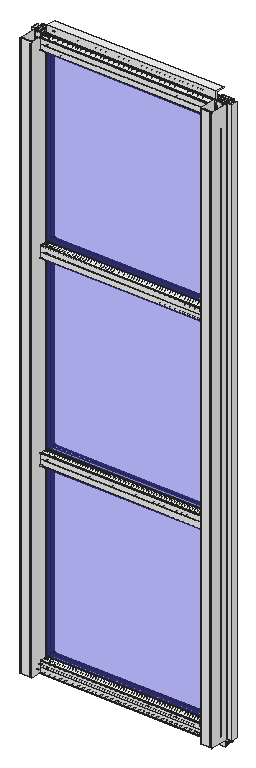
Revit family "Facade_60_Curtain_Wall_S13_Custom", category Windows, host Wall, Revit 2014
Parameters (values of type "F60-S13-Custom")
  Windload Design [instance] = if(Custom Windload < 1001 mm, 1000 mm, if(Custom Windload < 1501 mm, 1500 mm, 2000 mm))  # 1000 mm
  Width [instance] = if(Custom Curtain Wall Width < Limit Door Width Min, Limit Door Width Min, if(Custom Curtain Wall Width > Limit Door Width Max, Limit Door Width Max, Custom Curtain Wall Width))  # 1000 mm
  Wall Thickness [instance] = 200 mm
  Vertical Profile Length [instance] = Height - Frame Bottom Gap  # 2970 mm
  URL = "http://www.crealco.co.za/crealco-products.php"
  Type Comments = ""
  Thermal Resistance (R) [instance] = if(IGDB or SAGDB Number = 100100, 1.0000 (m²·K)/W / Intruderprufe U Value, if(IGDB or SAGDB Number = 100100, 1.0000 (m²·K)/W / Intruderprufe U Value, if(IGDB or SAGDB Number = 105003, 1.0000 (m²·K)/W / Intruderprufe Insulated U Value, if(IGDB or SAGDB Number = 105004, 1.0000 (m²·K)/W / Intruderprufe Insulated LowE U Value, 1.0000 (m²·K)/W / 7.9)))) * 1  # 0.126582 (m²·K)/W
  Thermal Break Material = Plastic, Opaque Black
  Solar Heat Gain Coefficient [instance] = if(IGDB or SAGDB Number = 100100, Intruderprufe SHGC Value, if(IGDB or SAGDB Number = 103200, Intruderprufe LowE SHGC Value, if(IGDB or SAGDB Number = 105003, Intruderprufe Insulated SHGC Value, if(IGDB or SAGDB Number = 105004, Intruderprufe Insulated LowE SHGC Value, 0))))  # 0
  Single Glazing [instance] = if(DG Forced, 1 = 0, not(Double Glazing))  # no
  Sill Height = 85 mm  # constant formula
  SG Forced [instance] = not(DG Forced)  # no
  Quarter Expansion Break = no
  Overall Width [instance] = 1000 mm
  Overall Height [instance] = 3000 mm
  Mullion Configuration = 1 mm  # constant formula
  Model = "Facade 60"
  Transom Vertical Spacing [instance] = (Height - Frame Bottom Gap - (4 mm * 60)) / 3  # 910 mm
  Mid Glazing Bottom Gap [instance] = Frame Bottom Gap + 60 mm + Transom Vertical Spacing + 39.8 mm  # 1039.8 mm
  Max System DG Unit Thickness = 25 mm  # constant formula
  Max System DG One Piece Thickness [instance] = rounddown((Max System DG Unit Thickness - DG Gasket Thickness) / 2 mm) * 1 mm  # 6 mm
  Max Pane Area [instance] = Glazing Width * Glazing Height  # 0.874748 m²
  Manufacturer = "Crealco"
  Limit Door Width Min = Limit Panel Width Min + (2 * Glazing Side Gap)  # 379.6 mm
  Limit Door Width Max = Limit Panel Width Max + (2 * Glazing Side Gap)  # 3079.6 mm
  Limit Door Height Min = (3 * Limit Panel Height Min) + 69.8 mm + (2 mm * 19.6) + 39.8 mm  # 1048.8 mm
  Limit Door Height Max = (3 * Limit Panel Height Max) + 69.8 mm + (2 mm * 19.6) + 39.8 mm  # 18148.8 mm
  Limit Panel Width Min = 300 mm  # constant formula
  Limit Panel Width Max = 3000 mm  # constant formula
  Limit Panel Height Min = 300 mm  # constant formula
  Limit Panel Height Max = 6000 mm  # constant formula
  Sill Length [instance] = Width  # 1000 mm
  Length Sill [instance] = Width  # 1000 mm
  Keynote = ""
  Jamb Width = 60 mm  # constant formula
  Intruderprufe U Value = 0
  Intruderprufe SHGC Value = 0
  Intruderprufe LowE U Value = 0
  Intruderprufe LowE SHGC Value = 0
  Intruderprufe Insulated U Value = 0
  Intruderprufe Insulated SHGC Value = 0
  Intruderprufe Insulated LowE U Value = 0
  Intruderprufe Insulated LowE SHGC Value = 0
  Horizontal Profile Length [instance] = Width - (2 * Jamb Width)  # 880 mm
  Half Expansion Break = no
  Glazing Width [instance] = Horizontal Profile Length + (2 mm * 20.2)  # 920.4 mm
  Glazing Top Gap = 39.8 mm  # constant formula
  Glazing Side Gap = 39.8 mm  # constant formula
  Glazing Height [instance] = (Height - Glazing Top Gap - Glazing Bottom Gap - (2 * (60 mm - 20.2 mm - 20.2 mm))) / 3  # 950.4 mm
  Glazing Gap SG [instance] = (14 mm - SG Thickness) / 2  # 5 mm
  Glazing Gap DG [instance] = (28 mm - (DG Thickness + DG Thickness + DG Gasket Thickness)) / 2  # 4 mm
  Glazing Bottom Gap = 69.8 mm  # constant formula
  Frame Thickness = 101.8 mm  # constant formula
  Frame Bottom Gap = 30 mm  # constant formula
  Door Leaf Height [instance] = 2050 mm
  Double Glazing [instance] = yes
  DG Thickness Calc [instance] = if(not(Max Pane Area > 1.125 m²), 4 mm, if(not(Max Pane Area > 2.25 m²), 4 mm, if(not(Max Pane Area > 3.15 m²), 5 mm, if(not(Max Pane Area > 4.35 m²), 6 mm, if(not(Max Pane Area > 6.45 m²), 8 mm, 10 mm)))))  # 4 mm
  DG Thickness [instance] = if(IGDB or SAGDB Number = 105003, 6 mm, if(IGDB or SAGDB Number = 105004, 7 mm, if(DG Thickness Calc > Max System DG One Piece Thickness, Max System DG One Piece Thickness, DG Thickness Calc)))  # 4 mm
  DG Gasket Thickness = 12 mm  # constant formula
  DG Gasket Finish [instance] = Double Glazing Gasket Material
  DG Forced [instance] = if(IGDB or SAGDB Number = 100100, 1 = 0, if(IGDB or SAGDB Number = 103200, 1 = 0, if(IGDB or SAGDB Number = 105003, 1 = 1, if(IGDB or SAGDB Number = 105004, 1 = 1, Double Glazing))))  # yes
  IGDB or SAGDB Number [instance] = 0
  Height [instance] = if(Custom Curtain Wall Height < Limit Door Height Min, Limit Door Height Min, if(Custom Curtain Wall Height > Limit Door Height Max, Limit Door Height Max, Custom Curtain Wall Height))  # 3000 mm
  Heat Transfer Coefficient (U) [instance] = if(IGDB or SAGDB Number = 100100, Intruderprufe U Value, if(IGDB or SAGDB Number = 103200, Intruderprufe LowE U Value, if(IGDB or SAGDB Number = 105003, Intruderprufe Insulated U Value, if(IGDB or SAGDB Number = 105004, Intruderprufe Insulated LowE U Value, 7.9)))) * 1.0000 W/(m²·K)  # 7.9000 W/(m²·K)
  SG Thickness [instance] = if(IGDB or SAGDB Number = 100100, 6 mm, if(IGDB or SAGDB Number = 103200, 7 mm, if(not(Max Pane Area > 0.75 m²), 4 mm, if(not(Max Pane Area > 1.50 m²), 4 mm, if(not(Max Pane Area > 2.10 m²), 5 mm, if(not(Max Pane Area > 2.90 m²), 6.4 mm, if(not(Max Pane Area > 4.30 m²), 8 mm, 10 mm)))))))  # 4 mm
  Glazing Material [instance] = if(IGDB or SAGDB Number = 100100, "PFG INTRUDERPRUFE 6.38mm", if(IGDB or SAGDB Number = 103200, "PFG INTRUDERPRUFE LOW-E 7.38mm", if(IGDB or SAGDB Number = 105003, "PFG 25mm INTRUDERPRUFE INSULATED GLASS", if(IGDB or SAGDB Number = 105004, "PFG 25mm INTRUDERPRUFE INSULATED GLASS LOW-E", "Unknown"))))  # "Unknown"
  Glazing Finish [instance] = Glass
  Glazing Code [instance] = if(IGDB or SAGDB Number = 100100, "LAM01", if(IGDB or SAGDB Number = 103200, "LAM01E", if(IGDB or SAGDB Number = 105003, "IGU25", if(IGDB or SAGDB Number = 105004, "IGU25E", "Unknown"))))  # "Unknown"
  Frame Offset From Exterior [instance] = if(Centered In Wall, (Wall Thickness - Frame Thickness) / 2, Custom Offset From Exterior) + 5.9 mm  # 55 mm
  Description = "Curtain Wall, S13"
  Default Sill Height = 0 mm
  Wall Closure = By host
  Custom Curtain Wall Width [instance] = 1000 mm
  Custom Curtain Wall Height [instance] = 3000 mm
  Custom Windload [instance] = 1000 mm
  Custom Offset From Exterior [instance] = 10 mm
  Centered In Wall [instance] = yes
  Aluminium Finish [instance] = White Powder Coated Aluminium ANP 1052
  All Available Glazing Numbers [instance] = "The rows below list the available glazing materials for this window:"  # constant formula
  190mm Mullion = if(Mullion Configuration = 3 mm, 1 = 1, 1 = 0)  # no
  160mm Mullion = if(Mullion Configuration = 2 mm, 1 = 1, 1 = 0)  # no
  105004 [instance] = "IGU25E"  # constant formula
  105003 [instance] = "IGU25"  # constant formula
  103200 [instance] = "LAM01E"  # constant formula
  100mm Mullion = if(or(Mullion Configuration = 2 mm, Mullion Configuration = 3 mm), 1 = 0, 1 = 1)  # yes
  100100 [instance] = "LAM01"  # constant formula
Reference planes
  plane 1 "Center (Front/Back)": y = 0
  plane 2 "Center (Left/Right)": x = 0
  plane 3 "Left": x = -500
  plane 4 "Right": x = 500
  plane 5 "Sill": z = 0
  plane 6 "Head": z = 3000
  plane 7 "Exterior": y = 100
  plane 8 "Interior": y = -100
Lines and regions (mm)
  Opening 1
    outline origin (3507.082, -100, 0) x (1, 0, 0) y (0, 0, 1)
      loop
        line (-3007.082, 0) -> (-3007.082, 3000) -> (-4007.082, 3000) -> (-4007.082, 0) -> (-3007.082, 0)
Text (mm)
  text "EXTERIOR" at (-1963.203, 1332.353, 0), in view "Ref. Level"
  text "INTERIOR" at (-1981.466, -818.386, 0), in view "Ref. Level"
  text "Exterior" at (0, 923.751, 2943.296), in view "Right"
  text "Exterior" at (0, 1040.484, 2685.409), in view "Left"
Dimensions and locks
  equal spacing: plane 3 "Left", plane 2 "Center (Left/Right)", plane 4 "Right"
  "Width": plane 3 "Left" to plane 4 "Right"
  "Height": plane 5 "Sill" to plane 6 "Head"
  "Default Sill Height": plane 5 "Sill" to level
  locked: plane 7 "Exterior" to host wall at 0
  locked: plane 8 "Interior" to host wall
  "Overall Height": plane 6 "Head" to plane 5 "Sill"
  "Overall Width": plane 3 "Left" to plane 4 "Right"
  "Wall Thickness": host wall to host wall
  "Jamb Width": nested 3 to plane 4 "Right"
  "Jamb Width": nested 5 to plane 4 "Right"
  "Frame Bottom Gap": nested 5 to level
  "Frame Offset From Exterior": nested 1 to plane 7 "Exterior"
  "Glazing Side Gap": nested 6 to plane 4 "Right"
  "Glazing Top Gap": nested 6 to plane 6 "Head"
  "Glazing Gap SG": nested 6 to nested 1
  "Glazing Side Gap": nested 7 to plane 4 "Right"
  "Glazing Top Gap": nested 7 to plane 6 "Head"
  "Glazing Gap DG": nested 7 to nested 1
  "Jamb Width": nested 8 to plane 4 "Right"
  "Glazing Side Gap": nested 9 to plane 4 "Right"
  "Glazing Side Gap": nested 10 to plane 4 "Right"
  "Glazing Gap SG": nested 10 to nested 1
  "Glazing Gap DG": nested 9 to nested 1
  "Glazing Bottom Gap": nested 9 to level
  "Glazing Bottom Gap": nested 10 to level
  locked: nested 1 to nested 5 at 8.887
  "Transom Vertical Spacing": nested 8 to nested 5
  "Jamb Width": nested 11 to plane 4 "Right"
  "Transom Vertical Spacing": nested 11 to nested 8
  "Glazing Side Gap": nested 12 to plane 4 "Right"
  "Glazing Side Gap": nested 13 to plane 4 "Right"
  "Glazing Gap SG": nested 13 to nested 1
  "Glazing Gap DG": nested 12 to nested 1
  "Mid Glazing Bottom Gap": nested 12 to level
  "Mid Glazing Bottom Gap": nested 13 to level
  aligned and locked: plane 4 "Right" to nested 1
  aligned and locked: nested 1 to plane 6 "Head"
  aligned and locked: plane 3 "Left" to nested 2
  aligned and locked: plane 6 "Head" to nested 2
  aligned and locked: nested 3 to plane 6 "Head"
  aligned and locked: nested 1 to nested 3
  aligned and locked: nested 4 to level
  aligned and locked: plane 4 "Right" to nested 4
  aligned and locked: nested 1 to nested 2
  aligned and locked: nested 5 to nested 4
  aligned and locked: nested 8 to nested 3
  aligned and locked: nested 11 to nested 3
Automatic sketch dimensions
  plane 3 "Left" to Opening 1 sketch curve = 0 mm
  plane 4 "Right" to Opening 1 sketch curve = 0 mm
  Opening 1 sketch curve to plane 5 "Sill" = 0 mm
  Opening 1 sketch curve to plane 6 "Head" = 0 mm
Nested families
  nested 1: "F60 Vertical Profile Side_S13_Cust" at (500, -1.058, 30) x (-1, 0, 0) z (0, 0, 1), Thermal Break Material <- "Thermal Break Material", Profile Material <- "Aluminium Finish", Length <- "Vertical Profile Length", Single Glazing <- "SG Forced", Double Glazing <- "DG Forced", 100mm Mullion <- "100mm Mullion", 160mm Mullion <- "160mm Mullion", 190mm Mullion <- "190mm Mullion", Quarter Expansion Break <- "Quarter Expansion Break", Half Expansion Break <- "Half Expansion Break", type "F60 Vertical Profile Side_S13_Cust"
    with Thermal Break Material Plastic, Opaque Black, Single Glazing no, Quarter SG Expansion Break no, Quarter Length 742.5 mm, Quarter Expansion Break no, Quarter DG Expansion Break no, Quarter 190mm Expansion Break no, Quarter 160mm Expansion Break no, Quarter 100mm Expansion Break no, Profile Material White Powder Coated Aluminium ANP 1052, Length 2970 mm, Half SG Expansion Break no, Half Length 1485 mm, Half Expansion Break no, Half DG Expansion Break no, Half 190mm Expansion Joint no, Half 160mm Expansion Break no, Half 100mm Expansion Break no, Double Glazing yes, 190mm Mullion no, 160mm Mullion no, 100mm Mullion yes
  nested 2: "F60 Vertical Profile Side_S13_Cust" at (-500, -1.058, 30), Thermal Break Material <- "Thermal Break Material", Profile Material <- "Aluminium Finish", Length <- "Vertical Profile Length", Single Glazing <- "SG Forced", Double Glazing <- "DG Forced", 100mm Mullion <- "100mm Mullion", 160mm Mullion <- "160mm Mullion", 190mm Mullion <- "190mm Mullion", Quarter Expansion Break <- "Quarter Expansion Break", Half Expansion Break <- "Half Expansion Break", type "F60 Vertical Profile Side_S13_Cust"
    with Thermal Break Material Plastic, Opaque Black, Single Glazing no, Quarter SG Expansion Break no, Quarter Length 742.5 mm, Quarter Expansion Break no, Quarter DG Expansion Break no, Quarter 190mm Expansion Break no, Quarter 160mm Expansion Break no, Quarter 100mm Expansion Break no, Profile Material White Powder Coated Aluminium ANP 1052, Length 2970 mm, Half SG Expansion Break no, Half Length 1485 mm, Half Expansion Break no, Half DG Expansion Break no, Half 190mm Expansion Joint no, Half 160mm Expansion Break no, Half 100mm Expansion Break no, Double Glazing yes, 190mm Mullion no, 160mm Mullion no, 100mm Mullion yes
  nested 3: "F60 Horizontal Profile Top_S13_Cust" at (440, -50.858, 2940) x (-1, 0, 0) z (0, 0, 1), Thermal Break Material <- "Thermal Break Material", Profile Material <- "Aluminium Finish", Length <- "Horizontal Profile Length", Single Glazing <- "SG Forced", Double Glazing <- "DG Forced", type "F60 Horizontal Profile Top_S13_Cust"
    with Thermal Break Material Plastic, Opaque Black, Single Glazing no, Profile Material White Powder Coated Aluminium ANP 1052, Length 880 mm, Double Glazing yes
  nested 4: "F60 Sill_S13_Cust" at (500, -13.486, -1.88) x (-1, 0, 0) z (0, 0, 1), Profile Material <- "Aluminium Finish", Length Sill <- "Length Sill", type "F60 Sill_S13_Cust"
    with Profile Material White Powder Coated Aluminium ANP 1052, Length Sill 1000 mm
  nested 5: "F60 Horizontal Profile Bottom_S13_Cust" at (440, -50.858, 30) x (-1, 0, 0) z (0, 0, 1), Thermal Break Material <- "Thermal Break Material", Profile Material <- "Aluminium Finish", Length <- "Horizontal Profile Length", Single Glazing <- "SG Forced", Double Glazing <- "DG Forced", type "F60 Horizontal Profile Bottom_S13_Cust"
    with Thermal Break Material Plastic, Opaque Black, Single Glazing no, Profile Material White Powder Coated Aluminium ANP 1052, Length 880 mm, Double Glazing yes
  nested 6: "F60_Single_Glazing_S13_Cust" at (460.2, 7.942, 2009.8), Glazing Width <- "Glazing Width", Glazing Height <- "Glazing Height", SG Thickness <- "SG Thickness", Glazing Finish <- "Glazing Finish", visible <- "SG Forced", type "F60_Single_Glazing_S13_Cust"
    with SG Thickness 4 mm, Glazing Width 920.4 mm, Glazing Height 950.4 mm, Glazing Finish Glass
  nested 7: "F60_Double_Glazing_S13_Cust" at (460.2, 22.942, 2009.8), Glazing Material <- "Glazing Finish", Double Glazing Gasket Material <- "DG Gasket Finish", Glazing Width <- "Glazing Width", Glazing Height <- "Glazing Height", Glazing Thickness DG <- "DG Thickness", Double Glazing Gasket Thickness <- "DG Gasket Thickness", visible <- "DG Forced", type "F60_Double_Glazing_S13_Cust"
    with Glazing Width 920.4 mm, Glazing Thickness DG 4 mm, Glazing Material Glass, Glazing Height 950.4 mm, Double Glazing Gasket Thickness 12 mm, Double Glazing Gasket Material Double Glazing Gasket Material
  nested 8: "F60 Horizontal Profile Middle_S13_Cust" at (440, -50.858, 1000) x (-1, 0, 0) z (0, 0, 1), Thermal Break Material <- "Thermal Break Material", Profile Material <- "Aluminium Finish", Length <- "Horizontal Profile Length", Single Glazing <- "SG Forced", Double Glazing <- "DG Forced", type "F60 Horizontal Profile Middle_S13_Cust"
    with Thermal Break Material Plastic, Opaque Black, Single Glazing no, Profile Material White Powder Coated Aluminium ANP 1052, Length 880 mm, Double Glazing yes
  nested 9: "F60_Double_Glazing_S13_Cust" at (460.2, 22.942, 69.8), Glazing Material <- "Glazing Finish", Double Glazing Gasket Material <- "DG Gasket Finish", Glazing Width <- "Glazing Width", Glazing Height <- "Glazing Height", Glazing Thickness DG <- "DG Thickness", Double Glazing Gasket Thickness <- "DG Gasket Thickness", visible <- "DG Forced", type "F60_Double_Glazing_S13_Cust"
    with Glazing Width 920.4 mm, Glazing Thickness DG 4 mm, Glazing Material Glass, Glazing Height 950.4 mm, Double Glazing Gasket Thickness 12 mm, Double Glazing Gasket Material Double Glazing Gasket Material
  nested 10: "F60_Single_Glazing_S13_Cust" at (460.2, 7.942, 69.8), Glazing Width <- "Glazing Width", Glazing Height <- "Glazing Height", SG Thickness <- "SG Thickness", Glazing Finish <- "Glazing Finish", visible <- "SG Forced", type "F60_Single_Glazing_S13_Cust"
    with SG Thickness 4 mm, Glazing Width 920.4 mm, Glazing Height 950.4 mm, Glazing Finish Glass
  nested 11: "F60 Horizontal Profile Middle_S13_Cust" at (440, -50.858, 1970) x (-1, 0, 0) z (0, 0, 1), Thermal Break Material <- "Thermal Break Material", Profile Material <- "Aluminium Finish", Length <- "Horizontal Profile Length", Single Glazing <- "SG Forced", Double Glazing <- "DG Forced", type "F60 Horizontal Profile Middle_S13_Cust"
    with Thermal Break Material Plastic, Opaque Black, Single Glazing no, Profile Material White Powder Coated Aluminium ANP 1052, Length 880 mm, Double Glazing yes
  nested 12: "F60_Double_Glazing_S13_Cust" at (460.2, 22.942, 1039.8), Glazing Material <- "Glazing Finish", Double Glazing Gasket Material <- "DG Gasket Finish", Glazing Width <- "Glazing Width", Glazing Height <- "Glazing Height", Glazing Thickness DG <- "DG Thickness", Double Glazing Gasket Thickness <- "DG Gasket Thickness", visible <- "DG Forced", type "F60_Double_Glazing_S13_Cust"
    with Glazing Width 920.4 mm, Glazing Thickness DG 4 mm, Glazing Material Glass, Glazing Height 950.4 mm, Double Glazing Gasket Thickness 12 mm, Double Glazing Gasket Material Double Glazing Gasket Material
  nested 13: "F60_Single_Glazing_S13_Cust" at (460.2, 7.942, 1039.8), Glazing Width <- "Glazing Width", Glazing Height <- "Glazing Height", SG Thickness <- "SG Thickness", Glazing Finish <- "Glazing Finish", visible <- "SG Forced", type "F60_Single_Glazing_S13_Cust"
    with SG Thickness 4 mm, Glazing Width 920.4 mm, Glazing Height 950.4 mm, Glazing Finish Glass
Definition of nested family "F60 Vertical Profile Side_S13_Cust"
  Parameters (values of type "F60 Vertical Profile Side")
    Quarter SG Expansion Break [instance] = if(and(Quarter Expansion Break, Single Glazing), 1 = 1, 1 = 0)  # yes
    Quarter Length [instance] = Length / 4  # 62.5 mm
    Thermal Break Material [instance] = none
    Single Glazing [instance] = yes
    Quarter Expansion Break [instance] = yes
    Quarter DG Expansion Break [instance] = if(and(Quarter Expansion Break, Double Glazing), 1 = 1, 1 = 0)  # yes
    Quarter 190mm Expansion Break [instance] = if(and(Quarter Expansion Break, [190mm Mullion]), 1 = 1, 1 = 0)  # yes
    Quarter 160mm Expansion Break [instance] = if(and(Quarter Expansion Break, [160mm Mullion]), 1 = 1, 1 = 0)  # yes
    Quarter 100mm Expansion Break [instance] = if(and(Quarter Expansion Break, [100mm Mullion]), 1 = 1, 1 = 0)  # yes
    Profile Material [instance] = none
    Length [instance] = 250 mm
    Half SG Expansion Break [instance] = if(and(Half Expansion Break, Single Glazing), 1 = 1, 1 = 0)  # yes
    Half Length [instance] = Length / 2  # 125 mm
    Half Expansion Break [instance] = yes
    Half DG Expansion Break [instance] = if(and(Half Expansion Break, Double Glazing), 1 = 1, 1 = 0)  # yes
    Half 190mm Expansion Joint [instance] = if(and(Half Expansion Break, [190mm Mullion]), 1 = 1, 1 = 0)  # yes
    Half 160mm Expansion Break [instance] = if(and(Half Expansion Break, [160mm Mullion]), 1 = 1, 1 = 0)  # yes
    Half 100mm Expansion Break [instance] = if(and(Half Expansion Break, [100mm Mullion]), 1 = 1, 1 = 0)  # yes
    Double Glazing [instance] = yes
    190mm Mullion [instance] = yes
    160mm Mullion [instance] = yes
    100mm Mullion [instance] = yes
  Reference planes
    plane 1 "Center (Front/Back)": y = 0
    plane 2: z = 0
    plane 3 "Center (Left/Right)": x = 0
  Forms (mm)
    Extrusion 1, solid, material <- "Profile Material"
      sketch origin (0, 0, 0) x (1, 0, 0) y (0, 1, 0)
        loop
          arc (25.249, -8.7) -> (25.484, -9.266) -> (26.049, -9.5) r 0.8
          line (26.049, -9.5) -> (27.1, -9.5) -> (27.1, 7) -> (32.902, 7) -> (32.902, -9.5) -> (33.951, -9.5)
          arc (33.951, -9.5) -> (34.516, -9.266) -> (34.751, -8.7) r 0.8
          line (34.751, -8.7) -> (34.751, 6.2)
          arc (34.751, 6.2) -> (34.985, 6.766) -> (35.551, 7) r 0.8
          line (35.551, 7) -> (52.1, 7) -> (52.1, 5.4) -> (50.55, 5.4) -> (50.55, 4.55)
          arc (50.55, 4.55) -> (50.726, 4.126) -> (51.15, 3.95) r 0.6
          line (51.15, 3.95) -> (52.1, 3.95) -> (52.1, 1)
          arc (52.1, 1) -> (51.6, 0.5) -> (52.1, 0) r 0.5
          line (52.1, 0) -> (54.45, 0) -> (54.45, 1.15) -> (53.3, 1.15) -> (53.3, 2.45) -> (58.8, 2.45) -> (58.8, 1.15) -> (57.65, 1.15) -> (57.65, 0) -> (59.5, 0)
          arc (59.5, 0) -> (59.854, 0.146) -> (60, 0.5) r 0.5
          line (60, 0.5) -> (60, 3.9) -> (53.55, 3.9) -> (53.55, 7.6)
          arc (53.55, 7.6) -> (53.316, 8.166) -> (52.75, 8.4) r 0.8
          line (52.75, 8.4) -> (30, 8.4) -> (7.25, 8.4)
          arc (7.25, 8.4) -> (6.684, 8.166) -> (6.45, 7.6) r 0.8
          line (6.45, 7.6) -> (6.45, 3.9) -> (0, 3.9) -> (0, 0.5)
          arc (0, 0.5) -> (0.146, 0.146) -> (0.5, 0) r 0.5
          line (0.5, 0) -> (2.35, 0) -> (2.35, 1.15) -> (1.2, 1.15) -> (1.2, 2.45) -> (6.7, 2.45) -> (6.7, 1.15) -> (5.55, 1.15) -> (5.55, 0) -> (7.9, 0)
          arc (7.9, 0) -> (8.4, 0.5) -> (7.9, 1) r 0.5
          line (7.9, 1) -> (7.9, 3.95) -> (8.85, 3.95)
          arc (8.85, 3.95) -> (9.274, 4.126) -> (9.45, 4.55) r 0.6
          line (9.45, 4.55) -> (9.45, 5.4) -> (7.9, 5.4) -> (7.9, 7) -> (24.449, 7)
          arc (24.449, 7) -> (25.015, 6.766) -> (25.249, 6.2) r 0.8
          line (25.249, 6.2) -> (25.249, -8.7)
      from 0 to 250 <- "Length"
    Extrusion 2, solid, material <- "Thermal Break Material"
      sketch origin (0, 0, 0) x (1, 0, 0) y (0, 1, 0)
        loop
          line (1.75, 9.8) -> (1.75, 5.2) -> (0, 5.2) -> (0, 3.9) -> (6.35, 3.9) -> (6.35, 7.856)
          arc (6.35, 7.856) -> (6.526, 8.281) -> (6.95, 8.456) r 0.6
          line (6.95, 8.456) -> (30, 8.456) -> (53.05, 8.456)
          arc (53.05, 8.456) -> (53.474, 8.281) -> (53.65, 7.856) r 0.6
          line (53.65, 7.856) -> (53.65, 3.9) -> (60, 3.9) -> (60, 5.2) -> (58.25, 5.2) -> (58.25, 9.8) -> (30, 9.8) -> (1.75, 9.8)
      from 0 to 250 <- "Length"
    Extrusion 3, solid, material <- "Thermal Break Material", visible <- "Single Glazing"
      sketch origin (0, 0, 0) x (1, 0, 0) y (0, 1, 0)
        loop
          line (25.749, -14.011) -> (27.672, -14.011) -> (28.481, -12.611) -> (31.518, -12.611) -> (32.327, -14.011) -> (34.249, -14.011)
          arc (34.249, -14.011) -> (34.603, -13.864) -> (34.749, -13.511) r 0.5
          line (34.749, -13.511) -> (34.749, -10.011)
          arc (34.749, -10.011) -> (34.603, -9.657) -> (34.249, -9.511) r 0.5
          line (34.249, -9.511) -> (32.352, -9.511) -> (32.352, 0.19) -> (31.349, 2.261)
          arc (31.349, 2.261) -> (29.999, 2.986) -> (28.649, 2.261) r 1.62
          line (28.649, 2.261) -> (27.647, 0.19) -> (27.647, -9.511) -> (25.749, -9.511)
          arc (25.749, -9.511) -> (25.396, -9.657) -> (25.249, -10.011) r 0.5
          line (25.249, -10.011) -> (25.249, -13.511)
          arc (25.249, -13.511) -> (25.396, -13.864) -> (25.749, -14.011) r 0.5
        loop
          line (28.504, -10.005) -> (28.504, -10.861)
          arc (28.504, -10.861) -> (28.651, -11.214) -> (29.004, -11.361) r 0.5
          line (29.004, -11.361) -> (30.994, -11.361)
          arc (30.994, -11.361) -> (31.348, -11.214) -> (31.494, -10.861) r 0.5
          line (31.494, -10.861) -> (31.494, -10.005) -> (30.708, -9.219)
          arc (30.708, -9.219) -> (30.383, -9.001) -> (29.999, -8.924) r 1.007
          arc (29.999, -8.924) -> (29.616, -8.999) -> (29.292, -9.217) r 0.986
          line (29.292, -9.217) -> (28.504, -10.005)
        loop
          arc (30.896, 1.935) -> (29.887, 2.44) -> (29.005, 1.735) r 1.047
          line (29.005, 1.735) -> (28.347, 0.374) -> (28.347, -6.993)
          arc (28.347, -6.993) -> (28.583, -7.417) -> (29.068, -7.441) r 0.5
          arc (29.068, -7.441) -> (29.999, -7.223) -> (30.93, -7.441) r 2.099
          arc (30.93, -7.441) -> (31.416, -7.417) -> (31.652, -6.993) r 0.5
          line (31.652, -6.993) -> (31.652, 0.374) -> (30.896, 1.935)
      from 0 to 250 <- "Length"
    Extrusion 4, solid, material <- "Profile Material", visible <- "Single Glazing"
      sketch origin (0, 0, 0) x (1, 0, 0) y (0, 1, 0)
        loop
          line (52.693, -14.011) -> (32.327, -14.011) -> (31.519, -12.611) -> (28.481, -12.611) -> (27.673, -14.011) -> (7.307, -14.011) -> (7.307, -15.011) -> (8.457, -15.011) -> (8.457, -16.261) -> (2.957, -16.261) -> (2.957, -15.011) -> (4.107, -15.011) -> (4.107, -14.011) -> (1.707, -14.011)
          arc (1.707, -14.011) -> (1.199, -14.293) -> (1.168, -14.873) r 0.6
          line (1.168, -14.873) -> (2.093, -16.772) -> (1.015, -17.298) -> (1.484, -18.261) -> (11.488, -18.261)
          arc (11.488, -18.261) -> (11.913, -18.085) -> (12.088, -17.661) r 0.6
          line (12.088, -17.661) -> (12.088, -16.811) -> (47.912, -16.811) -> (47.912, -17.661)
          arc (47.912, -17.661) -> (48.088, -18.085) -> (48.512, -18.261) r 0.6
          line (48.512, -18.261) -> (58.518, -18.261) -> (58.987, -17.298) -> (57.908, -16.772) -> (58.834, -14.874)
          arc (58.834, -14.874) -> (58.802, -14.293) -> (58.293, -14.011) r 0.6
          line (58.293, -14.011) -> (55.893, -14.011) -> (55.893, -15.011) -> (57.043, -15.011) -> (57.043, -16.261) -> (51.543, -16.261) -> (51.543, -15.011) -> (52.693, -15.011) -> (52.693, -14.011)
      from 0 to 250 <- "Length"
    Extrusion 5, solid, material <- "Profile Material", visible <- "Single Glazing"
      sketch origin (0, 0, 0) x (1, 0, 0) y (0, 1, 0)
        loop
          line (2.801, -18.261) -> (1.484, -18.261) -> (1.015, -17.298) -> (2.093, -16.772) -> (0.779, -14.076)
          arc (0.779, -14.076) -> (0.239, -14.21) -> (0.001, -14.713) r 0.65
          line (0.001, -14.713) -> (0.001, -28.068)
          arc (0.001, -28.068) -> (1.172, -30.897) -> (4.001, -32.068) r 4
          line (4.001, -32.068) -> (30.001, -32.068) -> (56.001, -32.068)
          arc (56.001, -32.068) -> (58.829, -30.897) -> (60.001, -28.068) r 4
          line (60.001, -28.068) -> (60.001, -14.713)
          arc (60.001, -14.713) -> (59.763, -14.21) -> (59.223, -14.076) r 0.65
          line (59.223, -14.076) -> (57.908, -16.772) -> (58.987, -17.298) -> (58.518, -18.261) -> (57.201, -18.261)
          arc (57.201, -18.261) -> (56.83, -18.425) -> (56.703, -18.811) r 0.5
          arc (56.703, -18.811) -> (56.83, -19.196) -> (57.201, -19.361) r 0.5
          line (57.201, -19.361) -> (58.951, -19.361) -> (58.951, -27.968)
          arc (58.951, -27.968) -> (58.131, -29.948) -> (56.151, -30.768) r 2.8
          line (56.151, -30.768) -> (30.001, -30.768) -> (3.851, -30.768)
          arc (3.851, -30.768) -> (1.871, -29.948) -> (1.051, -27.968) r 2.8
          line (1.051, -27.968) -> (1.051, -19.361) -> (2.801, -19.361)
          arc (2.801, -19.361) -> (3.172, -19.196) -> (3.298, -18.811) r 0.5
          arc (3.298, -18.811) -> (3.172, -18.425) -> (2.801, -18.261) r 0.5
      from 0 to 250 <- "Length"
    Extrusion 6, solid, material <- "Profile Material", visible <- "100mm Mullion"
      sketch origin (0, 0, 0) x (1, 0, 0) y (0, 1, 0)
        loop
          line (14.02, 13) -> (45.98, 13)
          arc (45.98, 13) -> (46.539, 12.842) -> (46.917, 12.4) r 1
          arc (46.917, 12.4) -> (47.285, 11.963) -> (47.833, 11.8) r 1
          line (47.833, 11.8) -> (58.15, 11.8) -> (58.15, 96.3) -> (47.833, 96.3)
          arc (47.833, 96.3) -> (47.285, 96.137) -> (46.917, 95.7) r 1
          arc (46.917, 95.7) -> (46.548, 95.263) -> (46, 95.1) r 1
          line (46, 95.1) -> (14, 95.1)
          arc (14, 95.1) -> (13.452, 95.263) -> (13.083, 95.7) r 1
          arc (13.083, 95.7) -> (12.715, 96.137) -> (12.167, 96.3) r 1
          line (12.167, 96.3) -> (1.85, 96.3) -> (1.85, 11.8) -> (12.167, 11.8)
          arc (12.167, 11.8) -> (12.715, 11.963) -> (13.083, 12.4) r 1
          arc (13.083, 12.4) -> (13.461, 12.842) -> (14.02, 13) r 1
        loop
          line (1.65, 9.856) -> (58.35, 9.856) -> (58.35, 5.2) -> (60, 5.2) -> (60, 98.8)
          arc (60, 98.8) -> (59.707, 99.507) -> (59, 99.8) r 1
          line (59, 99.8) -> (1, 99.8)
          arc (1, 99.8) -> (0.293, 99.507) -> (0, 98.8) r 1
          line (0, 98.8) -> (0, 5.2) -> (1.65, 5.2) -> (1.65, 9.856)
      from 0 to 250 <- "Length"
    Extrusion 7, solid, material <- "Profile Material", visible <- "160mm Mullion"
      sketch origin (0, 0, 0) x (1, 0, 0) y (0, 1, 0)
        loop
          arc (2.35, 15.6) -> (2.526, 15.176) -> (2.95, 15) r 0.6
          line (2.95, 15) -> (57.05, 15)
          arc (57.05, 15) -> (57.474, 15.176) -> (57.65, 15.6) r 0.6
          line (57.65, 15.6) -> (57.65, 153.7)
          arc (57.65, 153.7) -> (57.474, 154.124) -> (57.05, 154.3) r 0.6
          line (57.05, 154.3) -> (47.833, 154.3)
          arc (47.833, 154.3) -> (47.285, 154.137) -> (46.917, 153.7) r 1
          arc (46.917, 153.7) -> (46.548, 153.263) -> (46, 153.1) r 1
          line (46, 153.1) -> (14, 153.1)
          arc (14, 153.1) -> (13.452, 153.263) -> (13.083, 153.7) r 1
          arc (13.083, 153.7) -> (12.715, 154.137) -> (12.167, 154.3) r 1
          line (12.167, 154.3) -> (2.95, 154.3)
          arc (2.95, 154.3) -> (2.526, 154.124) -> (2.35, 153.7) r 0.6
          line (2.35, 153.7) -> (2.35, 15.6)
        loop
          arc (1, 159.8) -> (0.293, 159.507) -> (0, 158.8) r 1
          line (0, 158.8) -> (0, 5.2) -> (1.65, 5.2) -> (1.65, 10.013) -> (58.35, 10.013) -> (58.35, 5.2) -> (60, 5.2) -> (60, 158.8)
          arc (60, 158.8) -> (59.707, 159.507) -> (59, 159.8) r 1
          line (59, 159.8) -> (1, 159.8)
      from 0 to 250 <- "Length"
    Extrusion 8, solid, material <- "Profile Material", visible <- "190mm Mullion"
      sketch origin (0, 0, 0) x (1, 0, 0) y (0, 1, 0)
        loop
          line (57.25, 15.1) -> (57.25, 178.3)
          arc (57.25, 178.3) -> (56.957, 179.007) -> (56.25, 179.3) r 1
          line (56.25, 179.3) -> (3.75, 179.3)
          arc (3.75, 179.3) -> (3.043, 179.007) -> (2.75, 178.3) r 1
          line (2.75, 178.3) -> (2.75, 15.1)
          arc (2.75, 15.1) -> (2.984, 14.534) -> (3.55, 14.3) r 0.8
          line (3.55, 14.3) -> (56.45, 14.3)
          arc (56.45, 14.3) -> (57.016, 14.534) -> (57.25, 15.1) r 0.8
        loop
          line (60, 5.2) -> (60, 188.8)
          arc (60, 188.8) -> (59.707, 189.507) -> (59, 189.8) r 1
          line (59, 189.8) -> (1, 189.8)
          arc (1, 189.8) -> (0.293, 189.507) -> (0, 188.8) r 1
          line (0, 188.8) -> (0, 5.2) -> (1.65, 5.2) -> (1.65, 9.856) -> (58.35, 9.856) -> (58.35, 5.2) -> (60, 5.2)
      from 0 to 250 <- "Length"
    Extrusion 9, solid, material <- "Thermal Break Material", visible <- "Double Glazing"
      sketch origin (0, 0, 0) x (1, 0, 0) y (0, 1, 0)
        loop
          line (27.672, -28) -> (28.48, -26.6) -> (31.518, -26.6) -> (32.326, -28) -> (34.249, -28)
          arc (34.249, -28) -> (34.603, -27.854) -> (34.749, -27.5) r 0.5
          line (34.749, -27.5) -> (34.749, -10)
          arc (34.749, -10) -> (34.603, -9.646) -> (34.249, -9.5) r 0.5
          line (34.249, -9.5) -> (32.352, -9.5) -> (32.352, 0.198) -> (31.348, 2.272)
          arc (31.348, 2.272) -> (29.998, 2.997) -> (28.648, 2.272) r 1.62
          line (28.648, 2.272) -> (27.645, 0.201) -> (27.645, -9.5) -> (25.749, -9.5)
          arc (25.749, -9.5) -> (25.396, -9.646) -> (25.249, -10) r 0.5
          line (25.249, -10) -> (25.249, -27.5)
          arc (25.249, -27.5) -> (25.396, -27.854) -> (25.749, -28) r 0.5
          line (25.749, -28) -> (27.672, -28)
        loop
          arc (30.706, -9.206) -> (30.382, -8.99) -> (29.999, -8.913) r 1.007
          arc (29.999, -8.913) -> (29.616, -8.988) -> (29.292, -9.206) r 0.986
          line (29.292, -9.206) -> (27.142, -11.356)
          arc (27.142, -11.356) -> (26.926, -11.68) -> (26.849, -12.063) r 1
          line (26.849, -12.063) -> (26.849, -24)
          arc (26.849, -24) -> (27.142, -24.707) -> (27.849, -25) r 1
          line (27.849, -25) -> (32.149, -25)
          arc (32.149, -25) -> (32.856, -24.707) -> (33.149, -24) r 1
          line (33.149, -24) -> (33.149, -12.063)
          arc (33.149, -12.063) -> (33.073, -11.68) -> (32.856, -11.356) r 1
          line (32.856, -11.356) -> (30.706, -9.206)
        loop
          arc (28.345, -6.982) -> (28.581, -7.407) -> (29.067, -7.43) r 0.5
          arc (29.067, -7.43) -> (29.998, -7.213) -> (30.929, -7.43) r 2.099
          arc (30.929, -7.43) -> (31.414, -7.407) -> (31.651, -6.982) r 0.5
          line (31.651, -6.982) -> (31.651, 0.385) -> (30.895, 1.946)
          arc (30.895, 1.946) -> (29.885, 2.45) -> (29.004, 1.745) r 1.047
          line (29.004, 1.745) -> (28.345, 0.385) -> (28.345, -6.982)
      from 0 to 250 <- "Length"
    Extrusion 10, solid, material <- "Profile Material", visible <- "Double Glazing"
      sketch origin (0, 0, 0) x (1, 0, 0) y (0, 1, 0)
        loop
          line (52.692, -28) -> (32.327, -28) -> (31.518, -26.6) -> (28.48, -26.6) -> (27.672, -28) -> (7.306, -28) -> (7.306, -29) -> (8.456, -29) -> (8.456, -30.25) -> (2.956, -30.25) -> (2.956, -29) -> (4.106, -29) -> (4.106, -28) -> (1.706, -28)
          arc (1.706, -28) -> (1.198, -28.282) -> (1.167, -28.863) r 0.6
          line (1.167, -28.863) -> (2.093, -30.762) -> (1.014, -31.288) -> (1.483, -32.25) -> (11.488, -32.25)
          arc (11.488, -32.25) -> (11.912, -32.074) -> (12.088, -31.65) r 0.6
          line (12.088, -31.65) -> (12.088, -30.8) -> (47.911, -30.8) -> (47.911, -31.65)
          arc (47.911, -31.65) -> (48.087, -32.074) -> (48.511, -32.25) r 0.6
          line (48.511, -32.25) -> (58.517, -32.25) -> (58.986, -31.288) -> (57.907, -30.762) -> (58.833, -28.864)
          arc (58.833, -28.864) -> (58.801, -28.282) -> (58.292, -28) r 0.6
          line (58.292, -28) -> (55.892, -28) -> (55.892, -29) -> (57.042, -29) -> (57.042, -30.25) -> (51.542, -30.25) -> (51.542, -29) -> (52.692, -29) -> (52.692, -28)
      from 0 to 250 <- "Length"
    Extrusion 11, solid, material <- "Profile Material", visible <- "Double Glazing"
      sketch origin (0, 0, 0) x (1, 0, 0) y (0, 1, 0)
        loop
          line (2.8, -32.25) -> (1.483, -32.25) -> (1.014, -31.288) -> (2.093, -30.762) -> (0.778, -28.065)
          arc (0.778, -28.065) -> (0.238, -28.2) -> (0, -28.702) r 0.65
          line (0, -28.702) -> (0, -42.058)
          arc (0, -42.058) -> (1.172, -44.886) -> (4, -46.058) r 4
          line (4, -46.058) -> (30, -46.058) -> (56, -46.058)
          arc (56, -46.058) -> (58.828, -44.886) -> (60, -42.058) r 4
          line (60, -42.058) -> (60, -28.702)
          arc (60, -28.702) -> (59.762, -28.2) -> (59.222, -28.065) r 0.65
          line (59.222, -28.065) -> (57.907, -30.762) -> (58.986, -31.288) -> (58.517, -32.25) -> (57.2, -32.25)
          arc (57.2, -32.25) -> (56.829, -32.415) -> (56.703, -32.8) r 0.5
          arc (56.703, -32.8) -> (56.829, -33.185) -> (57.2, -33.35) r 0.5
          line (57.2, -33.35) -> (58.95, -33.35) -> (58.95, -41.958)
          arc (58.95, -41.958) -> (58.13, -43.938) -> (56.15, -44.758) r 2.8
          line (56.15, -44.758) -> (30, -44.758) -> (3.85, -44.758)
          arc (3.85, -44.758) -> (1.87, -43.938) -> (1.05, -41.958) r 2.8
          line (1.05, -41.958) -> (1.05, -33.35) -> (2.8, -33.35)
          arc (2.8, -33.35) -> (3.171, -33.185) -> (3.297, -32.8) r 0.5
          arc (3.297, -32.8) -> (3.171, -32.415) -> (2.8, -32.25) r 0.5
      from 0 to 250 <- "Length"
    Extrusion 12, solid, material <- "Profile Material", visible <- "Single Glazing"
      sketch origin (0, 0, 0) x (1, 0, 0) y (0, 1, 0)
        loop
          line (10.403, -10.171) -> (10.403, -3.821) -> (-21.349, -3.821) -> (-21.349, -35.567) -> (-14.999, -35.567) -> (-14.999, -10.171) -> (10.403, -10.171)
      from 0 to 250 <- "Length"
    Extrusion 13, solid, material <- "Profile Material", visible <- "Double Glazing"
      sketch origin (0, 0, 0) x (1, 0, 0) y (0, 1, 0)
        loop
          line (10.402, -7.775) -> (10.402, -1.425) -> (-21.35, -1.425) -> (-21.35, -33.172) -> (-15, -33.172) -> (-15, -7.775) -> (10.402, -7.775)
      from 0 to 250 <- "Length"
    Extrusion 14, solid, material <- "Profile Material", visible <- "Double Glazing"
      sketch origin (0, 0, 0) x (1, 0, 0) y (0, 1, 0)
        loop
          line (12, -7.775) -> (0, -7.775) -> (0, -25.775) -> (12, -25.775) -> (12, -7.775)
        loop
          line (10.8, -8.975) -> (1.2, -8.975) -> (1.2, -24.575) -> (10.8, -24.575) -> (10.8, -8.975)
      from 0 to 250 <- "Length"
  Lines and regions (mm)
    model lines, style "GenericModelHiddenLines", visible <- "Half 100mm Expansion Break"
      curve 1: line (60, 5.2, 125) -> (60, 95.2, 125)
      curve 2: line (60, 99.8, 125) -> (0, 99.8, 125)
      curve 8: line (0, 5.2, 125) -> (0, 95.2, 125)
    model lines, style "GenericModelHiddenLines", visible <- "Quarter 100mm Expansion Break"
      curve 3: line (60, 5.2, 187.5) -> (60, 95.2, 187.5)
      curve 4: line (60, 5.2, 62.5) -> (60, 95.2, 62.5)
      curve 5: line (60, 99.8, 62.5) -> (0, 99.8, 62.5)
      curve 6: line (60, 99.8, 187.5) -> (0, 99.8, 187.5)
      curve 7: line (0, 5.2, 187.5) -> (0, 95.2, 187.5)
      curve 9: line (0, 5.2, 62.5) -> (0, 95.2, 62.5)
    model lines, style "GenericModelHiddenLines", visible <- "Half SG Expansion Break"
      curve 10: line (4.107, -32.068, 125) -> (55.893, -32.068, 125)
      curve 14: line (60.001, -14.011, 125) -> (60.001, -32.068, 125)
    model lines, style "GenericModelHiddenLines", visible <- "Quarter SG Expansion Break"
      curve 11: line (4.107, -32.068, 187.5) -> (56.703, -32.068, 187.5)
      curve 12: line (4.107, -32.068, 62.5) -> (56.703, -32.068, 62.5)
      curve 13: line (60.001, -14.011, 187.5) -> (60.001, -32.068, 187.5)
      curve 15: line (60.001, -14.011, 62.5) -> (60.001, -32.068, 62.5)
    model lines, style "GenericModelHiddenLines", visible <- "Quarter 160mm Expansion Break"
      curve 16: line (0, 5.2, 187.5) -> (0, 155.2, 187.5)
      curve 18: line (0, 5.2, 62.5) -> (0, 155.2, 62.5)
      curve 19: line (0, 159.8, 187.5) -> (60, 159.8, 187.5)
      curve 21: line (0, 159.8, 62.5) -> (60, 159.8, 62.5)
      curve 22: line (60, 5.2, 187.5) -> (60, 155.2, 187.5)
      curve 24: line (60, 5.2, 62.5) -> (60, 155.2, 62.5)
    model lines, style "GenericModelHiddenLines", visible <- "Half 160mm Expansion Break"
      curve 17: line (0, 5.2, 125) -> (0, 155.2, 125)
      curve 20: line (0, 159.8, 125) -> (60, 159.8, 125)
      curve 23: line (60, 5.2, 125) -> (60, 155.2, 125)
    model lines, style "GenericModelHiddenLines", visible <- "Quarter 190mm Expansion Break"
      curve 25: line (0, 5.2, 187.5) -> (0, 185.2, 187.5)
      curve 27: line (0, 5.2, 62.5) -> (0, 185.2, 62.5)
      curve 28: line (0.779, 189.8, 187.5) -> (59.222, 189.8, 187.5)
      curve 30: line (0.779, 189.8, 62.5) -> (59.222, 189.8, 62.5)
      curve 31: line (60, 5.2, 187.5) -> (60, 185.2, 187.5)
      curve 33: line (60, 5.2, 62.5) -> (60, 185.2, 62.5)
    model lines, style "GenericModelHiddenLines", visible <- "Half 190mm Expansion Joint"
      curve 26: line (0, 5.2, 125) -> (0, 185.2, 125)
      curve 29: line (0.779, 189.8, 125) -> (59.222, 189.8, 125)
      curve 32: line (60, 5.2, 125) -> (60, 185.2, 125)
    model lines, style "GenericModelHiddenLines", visible <- "Quarter DG Expansion Break"
      curve 34: line (60, -28.065, 187.5) -> (60, -46.074, 187.5)
      curve 36: line (60, -28.065, 62.5) -> (60, -46.027, 62.5)
      curve 37: line (59.222, -46.058, 187.5) -> (0.779, -46.058, 187.5)
      curve 39: line (59.222, -46.058, 62.5) -> (0.779, -46.058, 62.5)
    model lines, style "GenericModelHiddenLines", visible <- "Half DG Expansion Break"
      curve 35: line (60, -28.065, 125) -> (60, -46.074, 125)
      curve 38: line (59.222, -46.058, 125) -> (0.779, -46.058, 125)
  Dimensions and locks
    "Half Length": curve 1 to level
    "Half Length": level to curve 2
    "Quarter Length": curve 4 to level
    "Quarter Length": Extrusion 8 to curve 3
    "Quarter Length": level to curve 5
    "Quarter Length": curve 6 to Extrusion 6
    "Quarter Length": curve 9 to level
    "Half Length": curve 8 to level
    "Quarter Length": Extrusion 8 to curve 7
    "Quarter Length": curve 12 to level
    "Half Length": curve 10 to level
    "Quarter Length": Extrusion 5 to curve 11
    "Quarter Length": curve 15 to level
    "Half Length": curve 14 to level
    "Quarter Length": Extrusion 5 to curve 13
    "Quarter Length": Extrusion 7 to curve 18
    "Half Length": Extrusion 7 to curve 17
    "Quarter Length": Extrusion 7 to curve 16
    "Quarter Length": Extrusion 7 to curve 21
    "Quarter Length": curve 19 to Extrusion 7
    "Half Length": Extrusion 7 to curve 20
    "Quarter Length": Extrusion 7 to curve 24
    "Quarter Length": Extrusion 7 to curve 22
    "Half Length": Extrusion 7 to curve 23
    "Quarter Length": Extrusion 8 to curve 27
    "Quarter Length": Extrusion 8 to curve 25
    "Half Length": Extrusion 8 to curve 26
    "Quarter Length": Extrusion 8 to curve 30
    "Quarter Length": curve 28 to Extrusion 8
    "Half Length": Extrusion 8 to curve 29
    "Quarter Length": Extrusion 8 to curve 33
    "Quarter Length": Extrusion 8 to curve 31
    "Half Length": Extrusion 8 to curve 32
    "Quarter Length": Extrusion 11 to curve 36
    "Quarter Length": Extrusion 11 to curve 34
    "Half Length": Extrusion 11 to curve 35
    "Quarter Length": Extrusion 11 to curve 37
    "Quarter Length": curve 39 to Extrusion 11
    "Half Length": curve 38 to Extrusion 11
    aligned and locked: level to plane 2
  Automatic sketch dimensions
    Extrusion 1 sketch curve to plane 3 "Center (Left/Right)" = 0 mm
    plane 1 "Center (Front/Back)" to Extrusion 1 sketch curve = 0 mm  (x4)
    plane 3 "Center (Left/Right)" to Extrusion 1 sketch curve = 0.5 mm
    Extrusion 1 sketch curve to Extrusion 1 sketch curve = 0.7 mm  (x2)
    Extrusion 1 sketch curve to Extrusion 1 sketch curve = 1.15 mm  (x4)
    Extrusion 1 sketch curve to Extrusion 1 sketch curve = 3.2 mm  (x2)
    Extrusion 1 sketch curve to Extrusion 1 sketch curve = 0.9 mm
    Extrusion 1 sketch curve to Extrusion 1 sketch curve = 0.25 mm
    Extrusion 1 sketch curve to Extrusion 1 sketch curve = 0.8 mm  (x7)
    Extrusion 1 sketch curve to Extrusion 1 sketch curve = 1.45 mm  (x2)
    Extrusion 1 sketch curve to Extrusion 1 sketch curve = 0.65 mm  (x3)
    Extrusion 1 sketch curve to Extrusion 1 sketch curve = 0.95 mm  (x3)
    Extrusion 1 sketch curve to Extrusion 1 sketch curve = 0.6 mm  (x3)
    Extrusion 1 sketch curve to plane 1 "Center (Front/Back)" = 7 mm
    Extrusion 1 sketch curve to Extrusion 1 sketch curve = 14.999 mm  (x2)
    plane 1 "Center (Front/Back)" to Extrusion 1 sketch curve = 8.7 mm
    Extrusion 1 sketch curve to Extrusion 1 sketch curve = 1.85 mm
    Extrusion 1 sketch curve to Extrusion 1 sketch curve = 2.9 mm
    Extrusion 1 sketch curve to Extrusion 1 sketch curve = 5.802 mm
    Extrusion 1 sketch curve to Extrusion 1 sketch curve = 1.049 mm
    Extrusion 1 sketch curve to plane 1 "Center (Front/Back)" = 4.55 mm
    Extrusion 1 sketch curve to plane 1 "Center (Front/Back)" = 0.5 mm  (x3)
    Extrusion 1 sketch curve to Extrusion 1 sketch curve = 1.2 mm
    Extrusion 1 sketch curve to plane 1 "Center (Front/Back)" = 1.15 mm  (x2)
    Extrusion 1 sketch curve to Extrusion 1 sketch curve = 0 mm
    Extrusion 1 sketch curve to Extrusion 1 sketch curve = 1.3 mm  (x2)
    Extrusion 1 sketch curve to Extrusion 1 sketch curve = 0.05 mm  (x2)
    Extrusion 1 sketch curve to Extrusion 1 sketch curve = 0.85 mm  (x2)
    Extrusion 1 sketch curve to plane 1 "Center (Front/Back)" = 6.2 mm
    Extrusion 2 sketch curve to plane 3 "Center (Left/Right)" = 0 mm
    plane 3 "Center (Left/Right)" to Extrusion 2 sketch curve = 1.75 mm
    Extrusion 2 sketch curve to Extrusion 2 sketch curve = 4.6 mm  (x4)
    Extrusion 2 sketch curve to Extrusion 2 sketch curve = 0.6 mm  (x2)
    Extrusion 2 sketch curve to plane 1 "Center (Front/Back)" = 9.8 mm
    Extrusion 2 sketch curve to Extrusion 2 sketch curve = 23.05 mm  (x2)
    Extrusion 2 sketch curve to Extrusion 2 sketch curve = 0 mm
    Extrusion 2 sketch curve to plane 1 "Center (Front/Back)" = 8.456 mm
    Extrusion 2 sketch curve to Extrusion 2 sketch curve = 1.75 mm
    Extrusion 2 sketch curve to plane 1 "Center (Front/Back)" = 3.9 mm  (x2)
    plane 3 "Center (Left/Right)" to Extrusion 3 sketch curve = 25.249 mm
    Extrusion 3 sketch curve to Extrusion 3 sketch curve = 0.5 mm  (x6)
    Extrusion 3 sketch curve to plane 1 "Center (Front/Back)" = 0.19 mm  (x2)
    Extrusion 3 sketch curve to Extrusion 3 sketch curve = 1.897 mm  (x2)
    Extrusion 3 sketch curve to Extrusion 3 sketch curve = 1.922 mm  (x2)
    Extrusion 3 sketch curve to plane 1 "Center (Front/Back)" = 0.374 mm  (x2)
    Extrusion 3 sketch curve to Extrusion 3 sketch curve = 0.7 mm  (x2)
    plane 1 "Center (Front/Back)" to Extrusion 3 sketch curve = 12.611 mm
    Extrusion 3 sketch curve to Extrusion 3 sketch curve = 0.809 mm
    Extrusion 3 sketch curve to Extrusion 3 sketch curve = 0.858 mm
    Extrusion 3 sketch curve to plane 1 "Center (Front/Back)" = 2.261 mm  (x2)
    Extrusion 3 sketch curve to Extrusion 3 sketch curve = 0.303 mm
    Extrusion 3 sketch curve to plane 1 "Center (Front/Back)" = 1.735 mm
    Extrusion 3 sketch curve to Extrusion 3 sketch curve = 0.356 mm
    plane 1 "Center (Front/Back)" to Extrusion 3 sketch curve = 9.217 mm
    Extrusion 3 sketch curve to Extrusion 3 sketch curve = 0.788 mm
    Extrusion 3 sketch curve to Extrusion 3 sketch curve = 0.701 mm
    Extrusion 3 sketch curve to Extrusion 3 sketch curve = 0.003 mm
    Extrusion 3 sketch curve to Extrusion 3 sketch curve = 0.992 mm
    Extrusion 3 sketch curve to Extrusion 3 sketch curve = 0.006 mm
    Extrusion 3 sketch curve to Extrusion 3 sketch curve = 0.002 mm
    plane 1 "Center (Front/Back)" to Extrusion 3 sketch curve = 9.219 mm
    Extrusion 3 sketch curve to Extrusion 3 sketch curve = 0.709 mm
    Extrusion 3 sketch curve to plane 1 "Center (Front/Back)" = 1.935 mm
    Extrusion 3 sketch curve to Extrusion 3 sketch curve = 0.899 mm
    Extrusion 3 sketch curve to Extrusion 3 sketch curve = 0.998 mm
    Extrusion 3 sketch curve to Extrusion 3 sketch curve = 0.444 mm
    Extrusion 3 sketch curve to Extrusion 3 sketch curve = 0.524 mm
    Extrusion 3 sketch curve to Extrusion 3 sketch curve = 0.756 mm
    Extrusion 3 sketch curve to Extrusion 3 sketch curve = 0.808 mm
    Extrusion 3 sketch curve to Extrusion 3 sketch curve = 0.9 mm  (x2)
    Extrusion 3 sketch curve to Extrusion 3 sketch curve = 1.25 mm
    Extrusion 3 sketch curve to Extrusion 3 sketch curve = 0.85 mm  (x2)
    Extrusion 3 sketch curve to Extrusion 3 sketch curve = 0.856 mm  (x2)
    Extrusion 3 sketch curve to Extrusion 3 sketch curve = 0.714 mm
    Extrusion 3 sketch curve to Extrusion 3 sketch curve = 0.02 mm
    Extrusion 3 sketch curve to Extrusion 3 sketch curve = 0.399 mm
    Extrusion 3 sketch curve to Extrusion 3 sketch curve = 2.224 mm
    Extrusion 3 sketch curve to Extrusion 3 sketch curve = 0.448 mm
    Extrusion 3 sketch curve to Extrusion 3 sketch curve = 0.032 mm
    Extrusion 3 sketch curve to Extrusion 3 sketch curve = 0 mm
    plane 3 "Center (Left/Right)" to Extrusion 4 sketch curve = 1.015 mm
    Extrusion 4 sketch curve to Extrusion 4 sketch curve = 0.469 mm
    plane 3 "Center (Left/Right)" to Extrusion 4 sketch curve = 1.707 mm
    Extrusion 4 sketch curve to Extrusion 4 sketch curve = 1.079 mm
    Extrusion 4 sketch curve to Extrusion 4 sketch curve = 0.864 mm
    Extrusion 4 sketch curve to Extrusion 4 sketch curve = 1.15 mm  (x4)
    Extrusion 4 sketch curve to Extrusion 4 sketch curve = 3.2 mm  (x2)
    Extrusion 4 sketch curve to Extrusion 4 sketch curve = 3.031 mm  (x2)
    Extrusion 4 sketch curve to Extrusion 4 sketch curve = 0.6 mm  (x3)
    Extrusion 4 sketch curve to Extrusion 4 sketch curve = 15.584 mm  (x2)
    plane 1 "Center (Front/Back)" to Extrusion 4 sketch curve = 12.611 mm
    Extrusion 4 sketch curve to Extrusion 4 sketch curve = 0.808 mm  (x2)
    Extrusion 4 sketch curve to Extrusion 4 sketch curve = 3.038 mm
    plane 1 "Center (Front/Back)" to Extrusion 4 sketch curve = 14.011 mm
    plane 1 "Center (Front/Back)" to Extrusion 4 sketch curve = 16.772 mm
    Extrusion 4 sketch curve to Extrusion 4 sketch curve = 0.865 mm
    Extrusion 4 sketch curve to Extrusion 4 sketch curve = 1.25 mm  (x4)
    plane 1 "Center (Front/Back)" to Extrusion 4 sketch curve = 18.261 mm
    Extrusion 4 sketch curve to Extrusion 4 sketch curve = 0.61 mm
    plane 1 "Center (Front/Back)" to Extrusion 4 sketch curve = 17.298 mm
    Extrusion 4 sketch curve to Extrusion 4 sketch curve = 5.65 mm
    Extrusion 4 sketch curve to Extrusion 4 sketch curve = 0.962 mm
    Extrusion 4 sketch curve to Extrusion 4 sketch curve = 0.85 mm
    Extrusion 4 sketch curve to Extrusion 4 sketch curve = 0.512 mm  (x2)
    Extrusion 4 sketch curve to Extrusion 4 sketch curve = 1 mm  (x2)
    Extrusion 4 sketch curve to Extrusion 4 sketch curve = 0.4 mm  (x2)
    Extrusion 4 sketch curve to Extrusion 4 sketch curve = 1.4 mm
    Extrusion 4 sketch curve to Extrusion 4 sketch curve = 0.539 mm  (x2)
    Extrusion 4 sketch curve to Extrusion 4 sketch curve = 0 mm
    plane 1 "Center (Front/Back)" to Extrusion 4 sketch curve = 14.874 mm
    plane 3 "Center (Left/Right)" to Extrusion 5 sketch curve = 0.001 mm
    Extrusion 5 sketch curve to Extrusion 5 sketch curve = 0.65 mm  (x2)
    Extrusion 5 sketch curve to Extrusion 5 sketch curve = 0.128 mm  (x2)
    plane 3 "Center (Left/Right)" to Extrusion 5 sketch curve = 1.015 mm
    plane 3 "Center (Left/Right)" to Extrusion 5 sketch curve = 1.051 mm
    Extrusion 5 sketch curve to Extrusion 5 sketch curve = 0.469 mm  (x2)
    Extrusion 5 sketch curve to Extrusion 5 sketch curve = 1.079 mm
    Extrusion 5 sketch curve to Extrusion 5 sketch curve = 1.317 mm  (x2)
    Extrusion 5 sketch curve to Extrusion 5 sketch curve = 0 mm  (x3)
    plane 3 "Center (Left/Right)" to Extrusion 5 sketch curve = 3.851 mm
    Extrusion 5 sketch curve to Extrusion 5 sketch curve = 0.15 mm  (x2)
    Extrusion 5 sketch curve to Extrusion 5 sketch curve = 26 mm  (x2)
    Extrusion 5 sketch curve to Extrusion 5 sketch curve = 1.05 mm
    plane 1 "Center (Front/Back)" to Extrusion 5 sketch curve = 16.772 mm
    Extrusion 5 sketch curve to Extrusion 5 sketch curve = 0.707 mm
    Extrusion 5 sketch curve to Extrusion 5 sketch curve = 0.433 mm
    plane 1 "Center (Front/Back)" to Extrusion 5 sketch curve = 17.298 mm
    plane 1 "Center (Front/Back)" to Extrusion 5 sketch curve = 14.076 mm
    Extrusion 5 sketch curve to Extrusion 5 sketch curve = 0.5 mm  (x2)
    plane 1 "Center (Front/Back)" to Extrusion 5 sketch curve = 18.761 mm
    Extrusion 5 sketch curve to Extrusion 5 sketch curve = 0.1 mm  (x3)
    Extrusion 5 sketch curve to Extrusion 5 sketch curve = 1.1 mm  (x2)
    Extrusion 5 sketch curve to Extrusion 5 sketch curve = 8.608 mm
    Extrusion 5 sketch curve to Extrusion 5 sketch curve = 0.962 mm
    Extrusion 6 sketch curve to plane 3 "Center (Left/Right)" = 0 mm
    plane 3 "Center (Left/Right)" to Extrusion 6 sketch curve = 1 mm
    plane 3 "Center (Left/Right)" to Extrusion 6 sketch curve = 1.65 mm
    plane 3 "Center (Left/Right)" to Extrusion 6 sketch curve = 1.85 mm
    Extrusion 6 sketch curve to Extrusion 6 sketch curve = 10.317 mm  (x3)
    Extrusion 6 sketch curve to Extrusion 6 sketch curve = 1.833 mm  (x4)
    Extrusion 6 sketch curve to Extrusion 6 sketch curve = 0.02 mm  (x2)
    Extrusion 6 sketch curve to plane 1 "Center (Front/Back)" = 13 mm
    Extrusion 6 sketch curve to Extrusion 6 sketch curve = 31.961 mm
    Extrusion 6 sketch curve to Extrusion 6 sketch curve = 32 mm
    Extrusion 6 sketch curve to Extrusion 6 sketch curve = 0.2 mm  (x5)
    Extrusion 6 sketch curve to Extrusion 6 sketch curve = 0.85 mm
    Extrusion 6 sketch curve to Extrusion 6 sketch curve = 1.65 mm
    Extrusion 6 sketch curve to Extrusion 6 sketch curve = 1 mm  (x8)
    Extrusion 6 sketch curve to Extrusion 6 sketch curve = 1.944 mm
    Extrusion 6 sketch curve to Extrusion 6 sketch curve = 4.656 mm  (x2)
    Extrusion 6 sketch curve to Extrusion 6 sketch curve = 82.1 mm
    Extrusion 6 sketch curve to Extrusion 6 sketch curve = 2.5 mm
    Extrusion 7 sketch curve to plane 3 "Center (Left/Right)" = 0 mm
    Extrusion 7 sketch curve to Extrusion 7 sketch curve = 1 mm  (x3)
    plane 3 "Center (Left/Right)" to Extrusion 7 sketch curve = 1.65 mm
    plane 3 "Center (Left/Right)" to Extrusion 7 sketch curve = 2.35 mm
    Extrusion 7 sketch curve to Extrusion 7 sketch curve = 0.6 mm  (x3)
    Extrusion 7 sketch curve to Extrusion 7 sketch curve = 9.217 mm  (x2)
    Extrusion 7 sketch curve to Extrusion 7 sketch curve = 1.833 mm  (x2)
    Extrusion 7 sketch curve to Extrusion 7 sketch curve = 32 mm
    Extrusion 7 sketch curve to plane 1 "Center (Front/Back)" = 15 mm
    Extrusion 7 sketch curve to Extrusion 7 sketch curve = 54.1 mm
    Extrusion 7 sketch curve to Extrusion 7 sketch curve = 1.3 mm
    Extrusion 7 sketch curve to Extrusion 7 sketch curve = 1.95 mm
    Extrusion 7 sketch curve to Extrusion 7 sketch curve = 1.65 mm
    Extrusion 7 sketch curve to Extrusion 7 sketch curve = 4.987 mm
    Extrusion 7 sketch curve to Extrusion 7 sketch curve = 4.813 mm
    Extrusion 7 sketch curve to Extrusion 7 sketch curve = 4.812 mm
    Extrusion 7 sketch curve to Extrusion 7 sketch curve = 137.5 mm
    Extrusion 7 sketch curve to Extrusion 7 sketch curve = 0.2 mm  (x2)
    Extrusion 7 sketch curve to Extrusion 7 sketch curve = 0.4 mm  (x2)
    Extrusion 7 sketch curve to Extrusion 7 sketch curve = 4.5 mm
    Extrusion 8 sketch curve to plane 3 "Center (Left/Right)" = 0 mm
    Extrusion 8 sketch curve to Extrusion 8 sketch curve = 1 mm  (x3)
    plane 3 "Center (Left/Right)" to Extrusion 8 sketch curve = 1.65 mm
    plane 3 "Center (Left/Right)" to Extrusion 8 sketch curve = 2.75 mm
    Extrusion 8 sketch curve to Extrusion 8 sketch curve = 0.8 mm  (x2)
    Extrusion 8 sketch curve to Extrusion 8 sketch curve = 52.5 mm
    Extrusion 8 sketch curve to plane 1 "Center (Front/Back)" = 15.1 mm
    Extrusion 8 sketch curve to Extrusion 8 sketch curve = 52.9 mm
    Extrusion 8 sketch curve to Extrusion 8 sketch curve = 1.9 mm
    Extrusion 8 sketch curve to Extrusion 8 sketch curve = 2.75 mm
    Extrusion 8 sketch curve to Extrusion 8 sketch curve = 4.444 mm
    Extrusion 8 sketch curve to Extrusion 8 sketch curve = 4.656 mm  (x2)
    Extrusion 8 sketch curve to Extrusion 8 sketch curve = 163.2 mm
    Extrusion 8 sketch curve to Extrusion 8 sketch curve = 9.5 mm
    plane 3 "Center (Left/Right)" to Extrusion 9 sketch curve = 25.249 mm
    Extrusion 9 sketch curve to Extrusion 9 sketch curve = 0.5 mm  (x4)
    Extrusion 9 sketch curve to Extrusion 9 sketch curve = 1.1 mm
    plane 1 "Center (Front/Back)" to Extrusion 9 sketch curve = 11.356 mm  (x2)
    Extrusion 9 sketch curve to Extrusion 9 sketch curve = 0.293 mm  (x2)
    Extrusion 9 sketch curve to Extrusion 9 sketch curve = 1.896 mm
    Extrusion 9 sketch curve to Extrusion 9 sketch curve = 1.922 mm
    Extrusion 9 sketch curve to Extrusion 9 sketch curve = 1 mm  (x2)
    Extrusion 9 sketch curve to Extrusion 9 sketch curve = 0.7 mm
    Extrusion 9 sketch curve to Extrusion 9 sketch curve = 0.808 mm
    Extrusion 9 sketch curve to plane 1 "Center (Front/Back)" = 2.272 mm  (x2)
    Extrusion 9 sketch curve to Extrusion 9 sketch curve = 0.303 mm
    Extrusion 9 sketch curve to plane 1 "Center (Front/Back)" = 1.745 mm
    Extrusion 9 sketch curve to Extrusion 9 sketch curve = 0.356 mm
    plane 1 "Center (Front/Back)" to Extrusion 9 sketch curve = 9.206 mm  (x2)
    Extrusion 9 sketch curve to Extrusion 9 sketch curve = 1.647 mm
    Extrusion 9 sketch curve to Extrusion 9 sketch curve = 0.701 mm
    Extrusion 9 sketch curve to Extrusion 9 sketch curve = 0.992 mm
    Extrusion 9 sketch curve to Extrusion 9 sketch curve = 0.003 mm
    Extrusion 9 sketch curve to Extrusion 9 sketch curve = 0.002 mm
    Extrusion 9 sketch curve to Extrusion 9 sketch curve = 0.004 mm
    Extrusion 9 sketch curve to Extrusion 9 sketch curve = 0.708 mm
    Extrusion 9 sketch curve to plane 1 "Center (Front/Back)" = 1.946 mm
    Extrusion 9 sketch curve to Extrusion 9 sketch curve = 0.899 mm
    Extrusion 9 sketch curve to Extrusion 9 sketch curve = 0.444 mm
    Extrusion 9 sketch curve to Extrusion 9 sketch curve = 3.038 mm
    Extrusion 9 sketch curve to plane 1 "Center (Front/Back)" = 0.385 mm  (x2)
    Extrusion 9 sketch curve to Extrusion 9 sketch curve = 0.756 mm
    Extrusion 9 sketch curve to Extrusion 9 sketch curve = 2.153 mm
    Extrusion 9 sketch curve to Extrusion 9 sketch curve = 0.631 mm
    Extrusion 9 sketch curve to Extrusion 9 sketch curve = 0.807 mm
    Extrusion 9 sketch curve to Extrusion 9 sketch curve = 1.646 mm
    Extrusion 9 sketch curve to Extrusion 9 sketch curve = 0.707 mm
